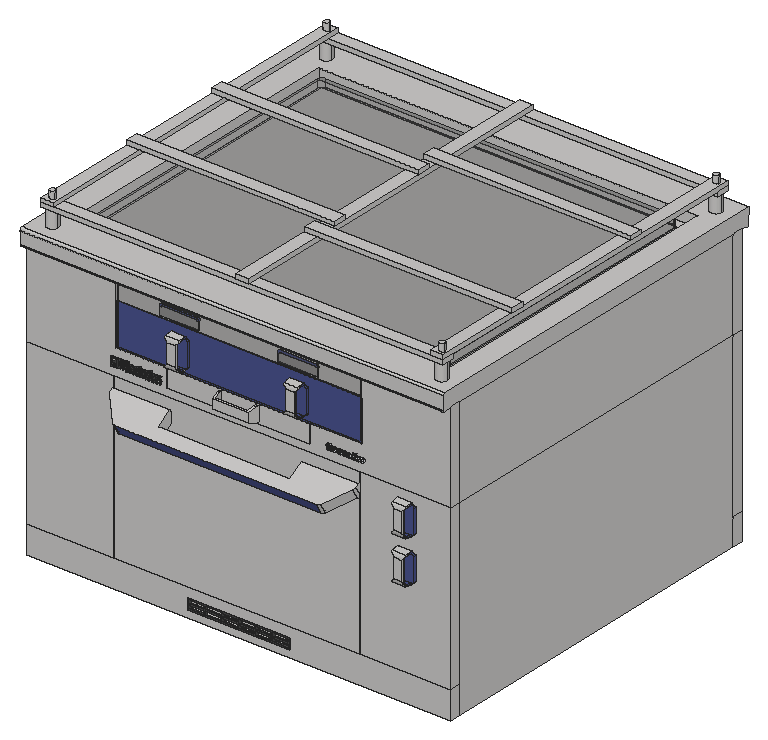
Revit family "QF_ELECTROLUXPROFESSIONAL_589885_MCLOECJ8DM", category Specialty Equipment, Revit 2014 (continued)
Definition of nested family "Front_Panel_W1000_Two Knobs"
  Definition of nested family "Range Control Handle"
    Forms (mm)
      Extrusion 6, solid, material "QF_Finishes_Electrolux Cyan"
        sketch origin (0, 0, 0) x (1, 0, 0) y (0, 0, 1)
          loop
            circle (0, 971.092) r 7.736
        from -3.137 to -1.645
    Cuts and joins
      Extrusion 4, Extrusion 5 cuts Sweep 3
      Extrusion 4, Extrusion 5 cuts Sweep 2
      joined: Extrusion 1, Extrusion 6
    Lines and regions (mm)
      symbolic lines
        curve 1: line (16.334, -16.9, 0) -> (16.334, -19.227, 0)
        curve 2: spline (16.334, -19.227, 0) -> (15.87, -19.385, 0) -> (15.404, -19.536, 0) -> (14.936, -19.678, 0) -> (14.466, -19.813, 0) -> (13.995, -19.94, 0) -> (13.523, -20.059, 0) -> (13.049, -20.171, 0) -> (12.575, -20.274, 0) -> (12.099, -20.37, 0) -> (11.622, -20.458, 0) -> (11.144, -20.537, 0) -> (10.666, -20.609, 0)
        curve 3: line (10.666, -16.9, 0) -> (10.666, -20.938, 0)
        curve 4: line (-10.213, -20.938, 0) -> (10.666, -20.938, 0)
        curve 5: line (-10.213, -20.938, 0) -> (-10.213, -16.9, 0)
        curve 6: spline (-10.213, -20.609, 0) -> (-10.691, -20.537, 0) -> (-11.169, -20.458, 0) -> (-11.646, -20.37, 0) -> (-12.122, -20.274, 0) -> (-12.597, -20.171, 0) -> (-13.07, -20.059, 0) -> (-13.542, -19.94, 0) -> (-14.013, -19.813, 0) -> (-14.483, -19.678, 0) -> (-14.951, -19.536, 0) -> (-15.417, -19.385, 0) -> (-15.881, -19.227, 0)
        curve 7: line (-15.881, -19.227, 0) -> (-15.881, -16.9, 0)
  Definition of nested family "ELX_ThermaLine_Small"
    Parameters (values of type "ELX_ThermaLine_Small")
      Show Logo [instance] = yes
      Material_Logo [instance] = QF_Finishes_Black
      Default Elevation = 0 mm
    Reference planes
      plane 1 "Centro (Fronte/Retro)": y = 0
      plane 2: z = 0
      plane 3 "Centro (Sinistra/Destra)": x = 0
    Forms (mm)
      Extrusion 1, solid
        sketch origin (0, 0, 0) x (1, 0, 0) y (0, 1, 0)
          loop
            line (-1219.2, 1219.2) -> (-1219.2, -1219.2) -> (1219.2, -1219.2) -> (1219.2, 1219.2) -> (-1219.2, 1219.2)
        from 0 to -304.8
      Extrusion 2, solid, material "QF_Finishes_White"
        sketch origin (0, 0, 0) x (1, 0, 0) y (0, 1, 0)
          loop
            line (-37.494, 1.229) -> (-35.908, 1.229) -> (-35.908, 3.066) -> (-37.494, 3.066) -> (-37.494, 6.221) -> (-39.867, 4.881) -> (-39.867, 3.066) -> (-40.969, 3.066) -> (-40.969, 1.229) -> (-39.867, 1.229) -> (-39.867, -3.407)
            arc (-39.867, -3.407) -> (-38.982, -5.513) -> (-36.751, -6.001) r 2.478
            line (-36.751, -6.001) -> (-35.638, -5.7) -> (-35.9, -3.835) -> (-36.661, -4.039)
            arc (-36.661, -4.039) -> (-37.236, -3.924) -> (-37.494, -3.399) r 0.662
            line (-37.494, -3.399) -> (-37.494, 1.229)
          loop
            line (-34.242, 6.539) -> (-34.242, -5.848) -> (-31.854, -5.848) -> (-31.854, -0.078)
            arc (-31.854, -0.078) -> (-30.939, 1.249) -> (-29.33, 1.367) r 1.866
            arc (-29.33, 1.367) -> (-28.695, 0.768) -> (-28.461, -0.073) r 1.627
            line (-28.461, -0.073) -> (-28.461, -5.848) -> (-26.086, -5.848) -> (-26.064, -0.46)
            arc (-26.064, -0.46) -> (-26.261, 0.932) -> (-26.786, 2.237) r 5.825
            arc (-26.786, 2.237) -> (-29.381, 3.264) -> (-31.854, 1.971) r 3.353
            line (-31.854, 1.971) -> (-31.854, 6.539) -> (-34.242, 6.539)
          loop
            arc (-18.398, -0.598) -> (-18.893, 0.879) -> (-20.326, 1.487) r 1.897
            arc (-20.326, 1.487) -> (-21.461, 0.708) -> (-21.897, -0.598) r 2.164
            line (-21.897, -0.598) -> (-18.398, -0.598)
          loop
            arc (-16.021, -2.044) -> (-16.754, 1.227) -> (-19.444, 3.226) r 4.814
            arc (-19.444, 3.226) -> (-22.137, 2.788) -> (-23.943, 0.743) r 4.054
            arc (-23.943, 0.743) -> (-24.382, -1.249) -> (-24.162, -3.276) r 6.289
            arc (-24.162, -3.276) -> (-23.302, -4.71) -> (-21.958, -5.705) r 4.28
            arc (-21.958, -5.705) -> (-18.558, -5.814) -> (-16.152, -3.409) r 4.28
            line (-16.152, -3.409) -> (-18.5, -2.995)
            arc (-18.5, -2.995) -> (-19.273, -3.994) -> (-20.533, -4.076) r 1.536
            arc (-20.533, -4.076) -> (-21.56, -3.281) -> (-21.958, -2.044) r 2.197
            line (-21.958, -2.044) -> (-16.021, -2.044)
          loop
            line (-14.165, -5.848) -> (-11.819, -5.848) -> (-11.819, -2.138)
            arc (-11.819, -2.138) -> (-11.787, -1.156) -> (-11.637, -0.185) r 8.18
            arc (-11.637, -0.185) -> (-10.644, 0.972) -> (-9.132, 0.776) r 1.603
            line (-9.132, 0.776) -> (-8.419, 2.846)
            arc (-8.419, 2.846) -> (-10.432, 3.118) -> (-11.994, 1.821) r 2.527
            line (-11.994, 1.821) -> (-11.994, 3.094) -> (-14.165, 3.094) -> (-14.165, -5.848)
          loop
            line (-7.579, 3.094) -> (-7.579, -5.848) -> (-5.178, -5.848) -> (-5.178, -0.756)
            arc (-5.178, -0.756) -> (-4.727, 0.679) -> (-3.417, 1.419) r 2.05
            arc (-3.417, 1.419) -> (-2.499, 0.908) -> (-2.155, -0.085) r 1.471
            line (-2.155, -0.085) -> (-2.155, -5.848) -> (0.23, -5.848) -> (0.23, -1.001)
            arc (0.23, -1.001) -> (0.47, 0.127) -> (1.148, 1.061) r 2.775
            arc (1.148, 1.061) -> (2.225, 1.329) -> (3.05, 0.587) r 1.182
            arc (3.05, 0.587) -> (3.199, -0.019) -> (3.214, -0.642) r 2.894
            line (3.214, -0.642) -> (3.214, -5.848) -> (5.601, -5.848) -> (5.601, 0.261)
            arc (5.601, 0.261) -> (4.87, 2.263) -> (2.976, 3.241) r 2.932
            arc (2.976, 3.241) -> (1.284, 2.973) -> (-0.047, 1.896) r 3.309
            arc (-0.047, 1.896) -> (-1.116, 2.865) -> (-2.506, 3.258) r 3.16
            arc (-2.506, 3.258) -> (-4.105, 2.942) -> (-5.376, 1.92) r 3.419
            line (-5.376, 1.92) -> (-5.376, 3.094) -> (-7.579, 3.094)
          loop
            line (7.583, 0.738) -> (9.702, 0.364)
            arc (9.702, 0.364) -> (11.441, 1.492) -> (12.855, -0.023) r 1.613
            line (12.855, -0.023) -> (9.782, -0.789)
            arc (9.782, -0.789) -> (8.559, -1.346) -> (7.617, -2.305) r 3.687
            arc (7.617, -2.305) -> (7.499, -3.681) -> (7.901, -5.003) r 3.651
            arc (7.901, -5.003) -> (9.107, -5.766) -> (10.515, -6.006) r 3.635
            arc (10.515, -6.006) -> (11.898, -5.697) -> (13.067, -4.895) r 3.734
            line (13.067, -4.895) -> (13.376, -5.848) -> (15.75, -5.848) -> (15.212, -4.193) -> (15.212, 0.38)
            arc (15.212, 0.38) -> (14.897, 1.849) -> (13.818, 2.895) r 2.585
            arc (13.818, 2.895) -> (11.792, 3.442) -> (9.719, 3.11) r 5.005
            arc (9.719, 3.11) -> (8.369, 2.178) -> (7.583, 0.738) r 3.54
          loop
            line (19.723, -5.848) -> (22.233, -5.848) -> (24.854, 6.484) -> (22.345, 6.484) -> (19.723, -5.848)
          loop
            line (24.583, -5.848) -> (26.953, -5.848) -> (28.848, 3.066) -> (26.478, 3.066) -> (24.583, -5.848)
          loop
            line (27.204, 6.484) -> (26.741, 4.305) -> (29.111, 4.305) -> (29.575, 6.484) -> (27.204, 6.484)
          loop
            line (29.355, -5.848) -> (31.849, -5.848) -> (33.098, 0.028)
            arc (33.098, 0.028) -> (34.169, 1.306) -> (35.832, 1.422) r 2.132
            arc (35.832, 1.422) -> (36.324, 0.752) -> (36.383, -0.078) r 1.5
            line (36.383, -0.078) -> (35.157, -5.848) -> (37.536, -5.848) -> (38.936, 0.738)
            arc (38.936, 0.738) -> (38.775, 2.091) -> (37.825, 3.066) r 2.118
            arc (37.825, 3.066) -> (35.392, 3.175) -> (33.295, 1.937) r 4.271
            line (33.295, 1.937) -> (33.535, 3.066) -> (31.25, 3.066) -> (29.355, -5.848)
          loop
            line (42.792, -0.64) -> (46.589, -0.64)
            arc (46.589, -0.64) -> (46.639, 0.124) -> (46.327, 0.823) r 1.589
            arc (46.327, 0.823) -> (45.117, 1.521) -> (43.762, 1.183) r 1.865
            arc (43.762, 1.183) -> (43.141, 0.344) -> (42.792, -0.64) r 3.538
          loop
            line (42.565, -2.138) -> (48.593, -2.138)
            arc (48.593, -2.138) -> (48.58, 0.597) -> (46.983, 2.818) r 4.494
            arc (46.983, 2.818) -> (44.191, 3.28) -> (41.725, 1.891) r 4.26
            arc (41.725, 1.891) -> (40.503, -0.3) -> (40.284, -2.799) r 6.003
            arc (40.284, -2.799) -> (40.959, -4.468) -> (42.377, -5.576) r 3.482
            arc (42.377, -5.576) -> (44.265, -5.961) -> (46.152, -5.576) r 4.823
            arc (46.152, -5.576) -> (47.432, -4.731) -> (48.328, -3.485) r 4.245
            line (48.328, -3.485) -> (46.168, -3.105)
            arc (46.168, -3.105) -> (45.214, -4.072) -> (43.859, -4.181) r 1.953
            arc (43.859, -4.181) -> (42.821, -3.408) -> (42.565, -2.138) r 1.81
          loop
            line (12.868, -1.553) -> (10.216, -2.214)
            arc (10.216, -2.214) -> (9.747, -3.136) -> (10.216, -4.058) r 1.14
            arc (10.216, -4.058) -> (11.537, -4.249) -> (12.614, -3.46) r 1.763
            arc (12.614, -3.46) -> (12.858, -2.522) -> (12.868, -1.553) r 3.97
        from 0 to 1.6
    Dimensions and locks
      aligned and locked: plane 2 to Extrusion 1
      aligned and locked: level to Extrusion 1
  Definition of nested family "ELX_Professional_Logo_Small"
    Parameters (values of type "ELX_Professional_Logo_Small")
      Show Logo [instance] = yes
      Material_Logo [instance] = QF_Finishes_Black
      Default Elevation = 0 mm
    Reference planes
      plane 1 "Centro (Fronte/Retro)": y = 0
      plane 2: z = 0
      plane 3 "Centro (Sinistra/Destra)": x = 0
    Forms (mm)
      Extrusion 1, solid
        sketch origin (0, 0, 0) x (1, 0, 0) y (0, 1, 0)
          loop
            line (-1219.2, 1219.2) -> (-1219.2, -1219.2) -> (1219.2, -1219.2) -> (1219.2, 1219.2) -> (-1219.2, 1219.2)
        from 0 to -304.8
      Extrusion 2, solid, material "QF_Finishes_Black" <- "Material_Logo"
        sketch origin (15.5, 0, 0) x (1, 0, 0) y (0, 1, 0)
          loop
            spline (-42.99, -1.24) -> (-43.195, -1.231) -> (-43.415, -1.203) -> (-43.642, -1.152) -> (-43.87, -1.074) -> (-44.095, -0.966) -> (-44.309, -0.825) -> (-44.506, -0.647) -> (-44.681, -0.429) -> (-44.828, -0.167) -> (-44.94, 0.142) -> (-45.011, 0.501) -> (-45.037, 0.915)
            line (-45.037, 0.915) -> (-45.037, 2.748) -> (-38.984, 2.748) -> (-38.984, 5.086) -> (-45.038, 5.086) -> (-45.038, 8.489) -> (-38.599, 8.489) -> (-38.599, 10.82) -> (-47.515, 10.82) -> (-47.515, 1.021)
            spline (-47.515, 1.021) -> (-47.493, 0.418) -> (-47.425, -0.15) -> (-47.311, -0.682) -> (-47.15, -1.175) -> (-46.939, -1.628) -> (-46.678, -2.038) -> (-46.365, -2.404) -> (-46, -2.723) -> (-45.58, -2.995) -> (-45.105, -3.216) -> (-44.573, -3.385) -> (-43.983, -3.499)
            line (-43.983, -3.499) -> (-43.01, -3.569) -> (-38.426, -3.569) -> (-38.426, -1.24) -> (-42.99, -1.24)
          loop
            line (-36.666, 4.021) -> (-36.666, -3.573) -> (-34.188, -3.573) -> (-34.188, 10.824) -> (-36.666, 10.824) -> (-36.666, 4.021)
          loop
            spline (-21.915, 1.897) -> (-21.957, 2.615) -> (-22.082, 3.303) -> (-22.285, 3.955) -> (-22.563, 4.564) -> (-22.913, 5.124) -> (-23.331, 5.629) -> (-23.814, 6.074) -> (-24.359, 6.451) -> (-24.961, 6.755) -> (-25.618, 6.98) -> (-26.326, 7.119) -> (-27.081, 7.167)
            spline (-27.081, 7.167) -> (-27.853, 7.122) -> (-28.586, 6.99) -> (-29.275, 6.774) -> (-29.915, 6.478) -> (-30.5, 6.104) -> (-31.024, 5.657) -> (-31.483, 5.138) -> (-31.871, 4.553) -> (-32.182, 3.904) -> (-32.411, 3.194) -> (-32.552, 2.427) -> (-32.6, 1.606)
            spline (-32.6, 1.606) -> (-32.553, 0.805) -> (-32.416, 0.057) -> (-32.193, -0.637) -> (-31.887, -1.271) -> (-31.504, -1.843) -> (-31.048, -2.35) -> (-30.523, -2.788) -> (-29.934, -3.154) -> (-29.284, -3.444) -> (-28.579, -3.656) -> (-27.822, -3.785) -> (-27.019, -3.829)
            spline (-27.019, -3.829) -> (-26.627, -3.82) -> (-26.239, -3.79) -> (-25.856, -3.739) -> (-25.477, -3.663) -> (-25.103, -3.562) -> (-24.734, -3.432) -> (-24.369, -3.273) -> (-24.01, -3.082) -> (-23.655, -2.858) -> (-23.305, -2.597) -> (-22.96, -2.299) -> (-22.621, -1.962)
            line (-22.621, -1.962) -> (-24.114, -0.509)
            spline (-24.114, -0.509) -> (-24.311, -0.699) -> (-24.509, -0.872) -> (-24.71, -1.03) -> (-24.915, -1.172) -> (-25.126, -1.297) -> (-25.346, -1.407) -> (-25.576, -1.5) -> (-25.817, -1.576) -> (-26.072, -1.636) -> (-26.342, -1.678) -> (-26.629, -1.704) -> (-26.936, -1.713)
            spline (-26.936, -1.713) -> (-27.384, -1.691) -> (-27.805, -1.625) -> (-28.196, -1.518) -> (-28.556, -1.372) -> (-28.882, -1.187) -> (-29.174, -0.966) -> (-29.429, -0.71) -> (-29.645, -0.422) -> (-29.821, -0.102) -> (-29.955, 0.247) -> (-30.045, 0.623) -> (-30.089, 1.026)
            line (-30.089, 1.026) -> (-21.956, 1.026) -> (-21.915, 1.897)
          loop
            spline (-24.446, 2.769) -> (-24.47, 3.075) -> (-24.54, 3.37) -> (-24.654, 3.65) -> (-24.807, 3.913) -> (-24.996, 4.156) -> (-25.219, 4.376) -> (-25.472, 4.57) -> (-25.753, 4.736) -> (-26.057, 4.869) -> (-26.382, 4.968) -> (-26.724, 5.03) -> (-27.081, 5.051)
            spline (-27.081, 5.051) -> (-27.464, 5.03) -> (-27.832, 4.97) -> (-28.183, 4.872) -> (-28.513, 4.74) -> (-28.819, 4.577) -> (-29.099, 4.384) -> (-29.347, 4.165) -> (-29.563, 3.923) -> (-29.742, 3.659) -> (-29.881, 3.377) -> (-29.977, 3.079) -> (-30.027, 2.769)
            line (-30.027, 2.769) -> (-24.446, 2.769)
          loop
            spline (-18.167, 1.669) -> (-18.138, 2.13) -> (-18.055, 2.567) -> (-17.921, 2.978) -> (-17.739, 3.358) -> (-17.512, 3.705) -> (-17.243, 4.016) -> (-16.937, 4.287) -> (-16.596, 4.517) -> (-16.223, 4.7) -> (-15.823, 4.835) -> (-15.398, 4.919) -> (-14.951, 4.947)
            spline (-14.951, 4.947) -> (-14.677, 4.938) -> (-14.414, 4.913) -> (-14.162, 4.871) -> (-13.921, 4.812) -> (-13.69, 4.738) -> (-13.467, 4.649) -> (-13.254, 4.544) -> (-13.048, 4.424) -> (-12.85, 4.291) -> (-12.659, 4.143) -> (-12.474, 3.981) -> (-12.295, 3.806)
            line (-12.295, 3.806) -> (-10.76, 5.403)
            spline (-10.76, 5.403) -> (-11.065, 5.709) -> (-11.38, 5.984) -> (-11.703, 6.228) -> (-12.035, 6.443) -> (-12.375, 6.63) -> (-12.723, 6.788) -> (-13.078, 6.92) -> (-13.44, 7.026) -> (-13.809, 7.107) -> (-14.184, 7.164) -> (-14.564, 7.198) -> (-14.951, 7.209)
            spline (-14.951, 7.209) -> (-15.725, 7.161) -> (-16.467, 7.02) -> (-17.169, 6.792) -> (-17.826, 6.482) -> (-18.43, 6.096) -> (-18.976, 5.637) -> (-19.455, 5.112) -> (-19.862, 4.525) -> (-20.19, 3.882) -> (-20.433, 3.189) -> (-20.584, 2.449) -> (-20.635, 1.669)
            spline (-20.635, 1.669) -> (-20.584, 0.889) -> (-20.433, 0.149) -> (-20.19, -0.545) -> (-19.862, -1.187) -> (-19.455, -1.774) -> (-18.976, -2.299) -> (-18.43, -2.758) -> (-17.826, -3.145) -> (-17.169, -3.454) -> (-16.467, -3.682) -> (-15.725, -3.823) -> (-14.951, -3.871)
            spline (-14.951, -3.871) -> (-14.564, -3.86) -> (-14.184, -3.826) -> (-13.809, -3.77) -> (-13.44, -3.689) -> (-13.078, -3.583) -> (-12.723, -3.451) -> (-12.375, -3.292) -> (-12.035, -3.105) -> (-11.703, -2.89) -> (-11.38, -2.646) -> (-11.065, -2.371) -> (-10.76, -2.066)
            line (-10.76, -2.066) -> (-12.295, -0.468)
            spline (-12.295, -0.468) -> (-12.474, -0.643) -> (-12.659, -0.805) -> (-12.85, -0.953) -> (-13.048, -1.087) -> (-13.254, -1.206) -> (-13.467, -1.311) -> (-13.69, -1.4) -> (-13.921, -1.475) -> (-14.162, -1.533) -> (-14.414, -1.575) -> (-14.677, -1.6) -> (-14.951, -1.609)
            spline (-14.951, -1.609) -> (-15.398, -1.581) -> (-15.823, -1.497) -> (-16.223, -1.362) -> (-16.596, -1.179) -> (-16.937, -0.95) -> (-17.243, -0.678) -> (-17.512, -0.367) -> (-17.739, -0.02) -> (-17.921, 0.36) -> (-18.055, 0.771) -> (-18.138, 1.208) -> (-18.167, 1.669)
          loop
            spline (-4.441, -1.243) -> (-4.659, -1.247) -> (-4.894, -1.23) -> (-5.137, -1.19) -> (-5.384, -1.121) -> (-5.628, -1.021) -> (-5.864, -0.884) -> (-6.084, -0.708) -> (-6.283, -0.488) -> (-6.454, -0.219) -> (-6.592, 0.101) -> (-6.69, 0.478) -> (-6.742, 0.914)
            line (-6.742, 0.914) -> (-6.742, 4.587) -> (-4.487, 4.587) -> (-4.487, 6.838) -> (-6.738, 6.838) -> (-6.738, 10.824) -> (-9.217, 10.824) -> (-9.217, 0.773)
            spline (-9.217, 0.773) -> (-9.164, 0.19) -> (-9.068, -0.358) -> (-8.928, -0.87) -> (-8.742, -1.343) -> (-8.511, -1.777) -> (-8.232, -2.168) -> (-7.904, -2.515) -> (-7.527, -2.816) -> (-7.098, -3.069) -> (-6.618, -3.273) -> (-6.084, -3.426) -> (-5.496, -3.525)
            line (-5.496, -3.525) -> (-4.45, -3.573) -> (-4.441, -1.243)
          loop
            spline (3.898, 6.983) -> (3.469, 7.009) -> (3.056, 7.001) -> (2.661, 6.961) -> (2.283, 6.888) -> (1.925, 6.785) -> (1.588, 6.652) -> (1.272, 6.49) -> (0.979, 6.301) -> (0.71, 6.085) -> (0.465, 5.844) -> (0.247, 5.578) -> (0.056, 5.289)
            line (0.056, 5.289) -> (0.056, 6.838) -> (-2.402, 6.838) -> (-2.402, -3.572) -> (0.056, -3.572) -> (0.056, 1.901)
            spline (0.056, 1.901) -> (0.079, 2.316) -> (0.145, 2.703) -> (0.254, 3.06) -> (0.404, 3.386) -> (0.592, 3.679) -> (0.818, 3.938) -> (1.08, 4.162) -> (1.375, 4.348) -> (1.703, 4.495) -> (2.062, 4.602) -> (2.45, 4.668) -> (2.865, 4.69)
            line (2.865, 4.69) -> (3.898, 4.586) -> (3.898, 6.983)
          loop
            spline (15.638, 1.633) -> (15.586, 2.396) -> (15.435, 3.124) -> (15.192, 3.81) -> (14.863, 4.449) -> (14.455, 5.034) -> (13.975, 5.56) -> (13.43, 6.021) -> (12.826, 6.411) -> (12.17, 6.724) -> (11.469, 6.955) -> (10.729, 7.098) -> (9.958, 7.147)
            spline (9.958, 7.147) -> (9.182, 7.098) -> (8.44, 6.955) -> (7.737, 6.724) -> (7.081, 6.411) -> (6.477, 6.021) -> (5.933, 5.56) -> (5.454, 5.034) -> (5.048, 4.449) -> (4.721, 3.81) -> (4.479, 3.124) -> (4.329, 2.396) -> (4.277, 1.633)
            spline (4.277, 1.633) -> (4.329, 0.869) -> (4.479, 0.141) -> (4.721, -0.544) -> (5.048, -1.183) -> (5.454, -1.768) -> (5.933, -2.294) -> (6.477, -2.755) -> (7.081, -3.145) -> (7.737, -3.459) -> (8.44, -3.69) -> (9.182, -3.833) -> (9.958, -3.882)
            spline (9.958, -3.882) -> (10.729, -3.833) -> (11.469, -3.69) -> (12.17, -3.459) -> (12.826, -3.145) -> (13.43, -2.755) -> (13.975, -2.294) -> (14.455, -1.768) -> (14.863, -1.183) -> (15.192, -0.544) -> (15.435, 0.141) -> (15.586, 0.869) -> (15.638, 1.633)
          loop
            spline (13.18, 1.633) -> (13.151, 2.083) -> (13.067, 2.513) -> (12.932, 2.918) -> (12.748, 3.296) -> (12.52, 3.642) -> (12.251, 3.954) -> (11.943, 4.227) -> (11.601, 4.459) -> (11.228, 4.645) -> (10.828, 4.782) -> (10.403, 4.867) -> (9.958, 4.896)
            spline (9.958, 4.896) -> (9.509, 4.867) -> (9.081, 4.782) -> (8.679, 4.645) -> (8.306, 4.459) -> (7.964, 4.227) -> (7.658, 3.954) -> (7.39, 3.642) -> (7.163, 3.296) -> (6.981, 2.918) -> (6.847, 2.513) -> (6.765, 2.083) -> (6.736, 1.633)
            spline (6.736, 1.633) -> (6.765, 1.182) -> (6.847, 0.753) -> (6.981, 0.347) -> (7.163, -0.031) -> (7.39, -0.377) -> (7.658, -0.689) -> (7.964, -0.962) -> (8.306, -1.193) -> (8.679, -1.38) -> (9.081, -1.517) -> (9.509, -1.602) -> (9.958, -1.631)
            spline (9.958, -1.631) -> (10.403, -1.602) -> (10.828, -1.517) -> (11.228, -1.38) -> (11.601, -1.193) -> (11.943, -0.962) -> (12.251, -0.689) -> (12.52, -0.377) -> (12.748, -0.031) -> (12.932, 0.347) -> (13.067, 0.753) -> (13.151, 1.182) -> (13.18, 1.633)
          loop
            line (17.162, 4.269) -> (17.162, -3.573) -> (19.642, -3.573) -> (19.642, 10.824) -> (17.162, 10.824) -> (17.162, 4.269)
          loop
            line (28.581, 6.838) -> (28.581, 0.786)
            spline (28.581, 0.786) -> (28.561, 0.393) -> (28.503, 0.038) -> (28.409, -0.279) -> (28.281, -0.559) -> (28.122, -0.802) -> (27.933, -1.011) -> (27.717, -1.185) -> (27.476, -1.325) -> (27.213, -1.433) -> (26.929, -1.509) -> (26.626, -1.554) -> (26.308, -1.569)
            spline (26.308, -1.569) -> (25.99, -1.554) -> (25.688, -1.509) -> (25.404, -1.434) -> (25.141, -1.326) -> (24.9, -1.187) -> (24.684, -1.014) -> (24.496, -0.807) -> (24.336, -0.565) -> (24.209, -0.288) -> (24.115, 0.026) -> (24.057, 0.376) -> (24.037, 0.765)
            line (24.037, 0.765) -> (24.037, 6.838) -> (21.537, 6.838) -> (21.537, 0.558)
            spline (21.537, 0.558) -> (21.581, -0.153) -> (21.71, -0.8) -> (21.916, -1.384) -> (22.195, -1.904) -> (22.54, -2.362) -> (22.944, -2.757) -> (23.403, -3.09) -> (23.909, -3.362) -> (24.456, -3.572) -> (25.04, -3.722) -> (25.652, -3.811) -> (26.288, -3.841)
            spline (26.288, -3.841) -> (26.929, -3.811) -> (27.547, -3.72) -> (28.135, -3.568) -> (28.687, -3.355) -> (29.197, -3.079) -> (29.66, -2.741) -> (30.068, -2.341) -> (30.415, -1.877) -> (30.696, -1.349) -> (30.905, -0.757) -> (31.034, -0.101) -> (31.079, 0.621)
            line (31.079, 0.621) -> (31.079, 6.838) -> (28.581, 6.838)
          loop
            line (40.457, -0.243) -> (38.894, 1.942) -> (40.83, 4.579) -> (42.488, 6.837) -> (39.782, 6.837) -> (37.53, 3.719) -> (35.258, 6.837) -> (32.573, 6.837) -> (34.113, 4.731) -> (36.167, 1.922) -> (34.014, -1.076) -> (32.222, -3.573) -> (34.887, -3.573) -> (37.53, 0.104) -> (40.174, -3.573) -> (42.839, -3.573) -> (40.457, -0.243)
          loop
            line (-46.121, -5.837) -> (-48.039, -5.837) -> (-48.039, -10.814) -> (-47.016, -10.814) -> (-47.016, -9.128) -> (-46.121, -9.128)
            arc (-46.121, -9.128) -> (-44.476, -7.482) -> (-46.121, -5.837) r 1.645
          loop
            line (-46.163, -6.778) -> (-47.016, -6.778) -> (-47.016, -8.187) -> (-46.163, -8.187)
            arc (-46.163, -8.187) -> (-45.458, -7.482) -> (-46.163, -6.778) r 0.704
          loop
            line (-38.313, -5.837) -> (-40.265, -5.837) -> (-40.265, -10.814) -> (-39.241, -10.814) -> (-39.241, -9.1) -> (-38.46, -9.182) -> (-37.48, -10.814) -> (-36.318, -10.814) -> (-37.513, -8.848)
            arc (-37.513, -8.848) -> (-36.888, -8.266) -> (-36.671, -7.441) r 1.536
            arc (-36.671, -7.441) -> (-37.165, -6.305) -> (-38.313, -5.837) r 1.643
          loop
            arc (-38.402, -8.166) -> (-37.707, -7.505) -> (-38.334, -6.778) r 0.696
            line (-38.334, -6.778) -> (-39.241, -6.778) -> (-39.241, -8.166) -> (-38.402, -8.166)
          loop
            circle (-29.965, -8.325) r 2.585
          loop
            circle (-29.965, -8.325) r 1.64
          loop
            line (-23.1, -5.837) -> (-23.1, -10.814) -> (-22.076, -10.814) -> (-22.076, -8.768) -> (-20.204, -8.768) -> (-20.204, -7.828) -> (-22.076, -7.828) -> (-22.076, -6.778) -> (-20.024, -6.778) -> (-20.024, -5.837) -> (-23.1, -5.837)
          loop
            line (-15.802, -5.837) -> (-15.802, -9.2)
            arc (-15.802, -9.2) -> (-15.343, -10.34) -> (-14.209, -10.814) r 1.593
            line (-14.209, -10.814) -> (-12.602, -10.814) -> (-12.602, -10.027) -> (-14.004, -10.027)
            arc (-14.004, -10.027) -> (-14.552, -9.8) -> (-14.779, -9.252) r 0.775
            line (-14.779, -9.252) -> (-14.779, -8.424) -> (-12.789, -8.424) -> (-12.789, -7.642) -> (-14.779, -7.642) -> (-14.779, -6.778) -> (-12.651, -6.778) -> (-12.651, -5.837) -> (-15.802, -5.837)
          loop
            line (-5.909, -7.143) -> (-5.173, -6.638)
            arc (-5.173, -6.638) -> (-5.855, -5.974) -> (-6.781, -5.755) r 1.782
            arc (-6.781, -5.755) -> (-7.397, -5.878) -> (-7.944, -6.189) r 1.974
            arc (-7.944, -6.189) -> (-8.202, -6.5) -> (-8.317, -6.888) r 1.013
            arc (-8.317, -6.888) -> (-8.306, -7.341) -> (-8.192, -7.78) r 1.985
            arc (-8.192, -7.78) -> (-7.749, -8.259) -> (-7.171, -8.563) r 1.928
            arc (-7.171, -8.563) -> (-6.637, -8.779) -> (-6.131, -9.056) r 5.041
            arc (-6.131, -9.056) -> (-5.934, -9.387) -> (-6.09, -9.74) r 0.42
            arc (-6.09, -9.74) -> (-6.631, -9.96) -> (-7.204, -9.845) r 1.016
            arc (-7.204, -9.845) -> (-7.625, -9.603) -> (-7.889, -9.196) r 1.033
            line (-7.889, -9.196) -> (-8.67, -9.686)
            arc (-8.67, -9.686) -> (-8.361, -10.198) -> (-7.908, -10.589) r 1.914
            arc (-7.908, -10.589) -> (-7.334, -10.834) -> (-6.714, -10.896) r 2.063
            arc (-6.714, -10.896) -> (-5.947, -10.743) -> (-5.256, -10.376) r 2.696
            arc (-5.256, -10.376) -> (-4.95, -9.565) -> (-5.108, -8.712) r 1.618
            arc (-5.108, -8.712) -> (-5.448, -8.319) -> (-5.884, -8.035) r 1.876
            arc (-5.884, -8.035) -> (-6.434, -7.789) -> (-6.999, -7.577) r 9.883
            arc (-6.999, -7.577) -> (-7.325, -7.07) -> (-6.854, -6.694) r 0.45
            arc (-6.854, -6.694) -> (-6.329, -6.809) -> (-5.909, -7.143) r 1.197
          loop
            line (1.61, -7.143) -> (2.345, -6.638)
            arc (2.345, -6.638) -> (1.663, -5.974) -> (0.737, -5.755) r 1.782
            arc (0.737, -5.755) -> (0.121, -5.878) -> (-0.425, -6.189) r 1.974
            arc (-0.425, -6.189) -> (-0.683, -6.5) -> (-0.799, -6.888) r 1.013
            arc (-0.799, -6.888) -> (-0.788, -7.341) -> (-0.674, -7.78) r 1.985
            arc (-0.674, -7.78) -> (-0.231, -8.259) -> (0.347, -8.563) r 1.928
            arc (0.347, -8.563) -> (0.881, -8.779) -> (1.387, -9.056) r 5.041
            arc (1.387, -9.056) -> (1.584, -9.387) -> (1.428, -9.74) r 0.42
            arc (1.428, -9.74) -> (0.887, -9.96) -> (0.314, -9.845) r 1.016
            arc (0.314, -9.845) -> (-0.107, -9.603) -> (-0.371, -9.196) r 1.033
            line (-0.371, -9.196) -> (-1.152, -9.686)
            arc (-1.152, -9.686) -> (-0.842, -10.198) -> (-0.39, -10.589) r 1.914
            arc (-0.39, -10.589) -> (0.184, -10.834) -> (0.804, -10.896) r 2.063
            arc (0.804, -10.896) -> (1.572, -10.743) -> (2.263, -10.376) r 2.696
            arc (2.263, -10.376) -> (2.568, -9.565) -> (2.411, -8.712) r 1.618
            arc (2.411, -8.712) -> (2.07, -8.319) -> (1.635, -8.035) r 1.876
            arc (1.635, -8.035) -> (1.084, -7.789) -> (0.519, -7.577) r 9.883
            arc (0.519, -7.577) -> (0.193, -7.07) -> (0.665, -6.694) r 0.45
            arc (0.665, -6.694) -> (1.189, -6.809) -> (1.61, -7.143) r 1.197
          loop
            line (6.801, -5.837) -> (6.801, -10.814) -> (7.825, -10.814) -> (7.825, -5.837) -> (6.801, -5.837)
          loop
            circle (14.724, -8.325) r 1.548
          loop
            circle (14.724, -8.325) r 2.585
          loop
            line (21.59, -10.814) -> (22.623, -10.814) -> (22.623, -7.685) -> (24.9, -10.814) -> (25.895, -10.814) -> (25.895, -5.837) -> (24.861, -5.837) -> (24.861, -9.061) -> (22.585, -5.837) -> (21.59, -5.837) -> (21.59, -10.814)
          loop
            line (31.054, -10.814) -> (31.539, -9.74) -> (33.38, -9.74) -> (33.865, -10.814) -> (34.965, -10.814) -> (32.46, -5.837) -> (29.956, -10.814) -> (31.054, -10.814)
          loop
            line (32.46, -7.698) -> (31.999, -8.719) -> (32.921, -8.719) -> (32.46, -7.698)
          loop
            line (40.047, -9.873) -> (40.047, -5.837) -> (39.024, -5.837) -> (39.024, -10.814) -> (41.961, -10.814) -> (41.961, -9.873) -> (40.047, -9.873)
          loop
            line (-74.986, -10.814) -> (-53.322, -10.814) -> (-53.322, 10.82) -> (-74.986, 10.82) -> (-74.986, -10.814)
          loop
            line (-61.261, 9.758) -> (-61.261, -9.707)
            arc (-61.261, -9.707) -> (-54.066, 0.025) -> (-61.261, 9.758) r 10.18
          loop
            line (-62.251, 8.349) -> (-62.251, 9.758)
            arc (-62.251, 9.758) -> (-70.347, 7.918) -> (-74.247, 0.59) r 9.976
            line (-74.247, 0.59) -> (-71.026, 0.59)
            arc (-71.026, 0.59) -> (-65.274, 2.925) -> (-62.251, 8.349) r 9.351
          loop
            arc (-74.247, -0.539) -> (-70.353, -7.928) -> (-62.251, -9.957) r 10.237
            line (-62.251, -9.957) -> (-62.251, -8.298)
            arc (-62.251, -8.298) -> (-65.274, -2.874) -> (-71.026, -0.539) r 9.351
            line (-71.026, -0.539) -> (-74.247, -0.539)
        from 0 to 1.644
    Dimensions and locks
      aligned and locked: plane 2 to Extrusion 1
      aligned and locked: level to Extrusion 1
Definition of nested family "Front_Panel_W1000_Two Knobs_Back"
  Reference planes
    plane 1 "Center (Front/Back)": y = 0
    plane 2: z = 0
    plane 3 "Center (Left/Right)": x = 297.624
    plane 4 "Left": x = -202.376
    plane 5 "Right": x = 797.624
    plane 6: y = -45
    plane 7: x = 157.624
    plane 8: y = -25
    plane 9: x = -2.376
    plane 10: x = 437.624
    plane 11: x = 594.715
  Forms (mm)
    Extrusion 1, solid, material "QF_Finishes_Stainless Steel"
      sketch origin (833.217, 829.203, -1.25) x (0, 1, 0) y (0, 0, 1)
        loop
          line (-854.203, 651.25) -> (-829.203, 651.25) -> (-829.203, 864.25) -> (-854.203, 864.25) -> (-854.203, 651.25)
      from -1035.593 to -35.593
    Extrusion 2, void
      sketch origin (0, 0, 0) x (1, 0, 0) y (0, 0, 1)
        loop
          line (7.624, 853.866) -> (7.624, 711.866) -> (587.624, 711.866) -> (587.624, 853.866) -> (7.624, 853.866)
      from 19.387 to 33.951
  Cuts and joins
    Extrusion 2 cuts Extrusion 1
  Dimensions and locks
    equal spacing: plane 5 "Right", plane 3 "Center (Left/Right)", plane 4 "Left"
    plane 5 "Right" to plane 4 "Left" = 1000 mm
    plane 3 "Center (Left/Right)" to plane 7 = 140 mm
    plane 10 to plane 3 "Center (Left/Right)" = 140 mm
    aligned and locked: cut or joined group of Extrusion 1, Extrusion 2 to plane 4 "Left"
    aligned and locked: plane 5 "Right" to cut or joined group of Extrusion 1, Extrusion 2
    aligned and locked: plane 3 "Center (Left/Right)" to nested 2
    aligned and locked: cut or joined group of Extrusion 1, Extrusion 2 to nested 2
  Automatic sketch dimensions
    Extrusion 1 sketch curve to plane 1 "Center (Front/Back)" = 0 mm
    level to Extrusion 1 sketch curve = 650 mm
    plane 4 "Left" to Extrusion 2 sketch curve = 210 mm
    Extrusion 2 sketch curve to plane 5 "Right" = 210 mm
    level to Extrusion 2 sketch curve = 711.866 mm
    Extrusion 2 sketch curve to Extrusion 2 sketch curve = 142 mm
    Extrusion 1 sketch curve to plane 6 = 20 mm
    Extrusion 1 sketch curve to Extrusion 1 sketch curve = 213 mm
  Nested families
    nested 1: "Range Control Handle" at (157.624, -28.137, -209.113) x (-1, 0, 0) z (0, 0, 1), type "Range Control Handle"
    nested 2: "Front glass control panel W1000_2 Knobs" at (297.624, 280.644, 2.752), type "Front glass control panel W1000_2 Knobs"
    nested 3: "Range Control Handle" at (437.624, -28.137, -209.113), type "Range Control Handle"
    nested 4: "ELX_ThermaLine_Small" at (546.122, -25, 679.426) x (1, 0, 0) z (0, -1, 0), type "ELX_ThermaLine_Small"
      with Show Logo yes, Material_Logo QF_Finishes_Black
    nested 5: "ELX_Professional_Logo_Small" at (57.11, -25, 681.659) x (1, 0, 0) z (0, -1, 0), type "ELX_Professional_Logo_Small"
      with Show Logo yes, Material_Logo QF_Finishes_Black
  Definition of nested family "Range Control Handle"
    Reference planes
      plane 1 "Center (Front/Back)": y = 0
      plane 2: z = 0
      plane 3 "Center (Left/Right)": x = 0
      plane 4: z = 971.092
      plane 5: y = -16.9
    Forms (mm)
      Extrusion 1, solid, material "QF_Finishes_Electrolux Cyan"
        sketch origin (-746.28, 380.497, 208.931) x (-1, 0, 0) y (0, 0, 1)
          loop
            line (-770.101, 786.798) -> (-770.101, 731.649)
            arc (-770.101, 731.649) -> (-769.759, 730.563) -> (-768.855, 729.87) r 1.893
            line (-768.855, 729.87) -> (-763.474, 727.911) -> (-729.81, 727.911) -> (-724.428, 729.87)
            arc (-724.428, 729.87) -> (-723.525, 730.563) -> (-723.183, 731.649) r 1.893
            line (-723.183, 731.649) -> (-723.183, 786.798)
            arc (-723.183, 786.798) -> (-723.529, 787.894) -> (-724.44, 788.593) r 1.91
            line (-724.44, 788.593) -> (-729.683, 790.819) -> (-763.601, 790.819) -> (-768.844, 788.593)
            arc (-768.844, 788.593) -> (-769.755, 787.894) -> (-770.101, 786.798) r 1.91
        from -382.35 to -378.852
      Sweep 2, solid, material "QF_Finishes_Electrolux Cyan"
        path origin (-746.788, 380.496, 208.091) x (0, -1, 0) y (0, 0, 1)
          loop
            line (379.775, 793.281) -> (395.661, 791.048)
            arc (395.661, 791.048) -> (397.781, 787.377) -> (398.517, 783.202) r 12.207
            line (398.517, 783.202) -> (398.517, 737.368)
            arc (398.517, 737.368) -> (397.781, 733.193) -> (395.661, 729.522) r 12.207
            line (395.661, 729.522) -> (379.775, 727.289)
        profile origin (-746.788, -7.222, 1000.256) x (0, -0.139173, 0.990268) y (-1, 0, 0)
          loop
            line (0.782, -763.123) -> (0.782, -730.907) -> (-1.322, -730.907) -> (-1.322, -763.123) -> (0.782, -763.123)
      Sweep 3, solid, material "QF_Finishes_Stainless Steel"
        path origin (-746.788, 380.715, 207.832) x (0, -1, 0) y (0, 0, 1)
          loop
            line (380.478, 795.442) -> (397.218, 793.09)
            arc (397.218, 793.09) -> (399.929, 788.473) -> (400.871, 783.202) r 15.207
            line (400.871, 783.202) -> (400.871, 737.584)
            arc (400.871, 737.584) -> (399.914, 732.274) -> (397.164, 727.633) r 15.207
            line (397.164, 727.633) -> (380.601, 725.305)
        profile origin (-746.788, -8.132, 1002.099) x (0, -0.139173, 0.990268) y (-1, 0, 0)
          loop
            line (0.782, -763.123) -> (0.782, -730.907) -> (-1.322, -730.907) -> (-1.322, -763.123) -> (0.782, -763.123)
      Extrusion 4, void
        sketch origin (889.253, 220.666, 207.993) x (1, 0, 0) y (0, 0, 1)
          loop
            line (-943.038, 816.854) -> (-943.038, 703.686) -> (-899.466, 734.196) -> (-899.466, 786.344) -> (-943.038, 816.854)
        from 230.636 to 242.25
      Extrusion 5, void
        sketch origin (-888.8, 220.666, 207.993) x (-1, 0, 0) y (0, 0, -1)
          loop
            line (-943.038, -816.854) -> (-899.466, -786.344) -> (-899.466, -734.196) -> (-943.038, -703.686) -> (-943.038, -816.854)
        from 230.636 to 242.25
      Extrusion 6, solid, material "QF_Finishes_Electrolux Cyan"
        sketch origin (0, 0, 0) x (1, 0, 0) y (0, 0, 1)
          loop
            circle (0, 971.092) r 7.736
        from -3.137 to -1.645
    Cuts and joins
      Extrusion 4, Extrusion 5 cuts Sweep 3
      Extrusion 4, Extrusion 5 cuts Sweep 2
      joined: Extrusion 1, Extrusion 6
    Lines and regions (mm)
      symbolic lines
        curve 1: line (16.334, -16.9, 0) -> (16.334, -19.227, 0)
        curve 2: spline (16.334, -19.227, 0) -> (15.87, -19.385, 0) -> (15.404, -19.536, 0) -> (14.936, -19.678, 0) -> (14.466, -19.813, 0) -> (13.995, -19.94, 0) -> (13.523, -20.059, 0) -> (13.049, -20.171, 0) -> (12.575, -20.274, 0) -> (12.099, -20.37, 0) -> (11.622, -20.458, 0) -> (11.144, -20.537, 0) -> (10.666, -20.609, 0)
        curve 3: line (10.666, -16.9, 0) -> (10.666, -20.938, 0)
        curve 4: line (-10.213, -20.938, 0) -> (10.666, -20.938, 0)
        curve 5: line (-10.213, -20.938, 0) -> (-10.213, -16.9, 0)
        curve 6: spline (-10.213, -20.609, 0) -> (-10.691, -20.537, 0) -> (-11.169, -20.458, 0) -> (-11.646, -20.37, 0) -> (-12.122, -20.274, 0) -> (-12.597, -20.171, 0) -> (-13.07, -20.059, 0) -> (-13.542, -19.94, 0) -> (-14.013, -19.813, 0) -> (-14.483, -19.678, 0) -> (-14.951, -19.536, 0) -> (-15.417, -19.385, 0) -> (-15.881, -19.227, 0)
        curve 7: line (-15.881, -19.227, 0) -> (-15.881, -16.9, 0)
  Definition of nested family "Front glass control panel W1000_2 Knobs"
    Reference planes
      plane 1 "Center (Front/Back)": y = 0
      plane 2: z = 0
      plane 3 "Center (Left/Right)": x = 0
      plane 4: x = -140
      plane 5: x = 140
    Forms (mm)
      Extrusion 1, solid, material "QF_Finishes_Electrolux Cyan"
        sketch origin (378.286, 0, 0.617) x (1, 0, 0) y (0, 0, 1)
          loop
            line (-668.286, 806.791) -> (-668.286, 708.497) -> (-88.286, 708.497) -> (-88.286, 806.791) -> (-668.286, 806.791)
        from 300.031 to 304.8
      Extrusion 2, solid, material "QF_Finishes_Electrolux_Black"
        sketch origin (378.286, 0, 0.617) x (1, 0, 0) y (0, 0, 1)
          loop
            line (-668.286, 850.497) -> (-668.286, 806.791) -> (-88.286, 806.791) -> (-88.286, 850.497) -> (-668.286, 850.497)
        from 300.031 to 304.8
      Extrusion 3, void
        sketch origin (378.286, 0, 0.617) x (1, 0, 0) y (0, 0, 1)
          loop
            line (-665.628, 847.565) -> (-665.628, 710.699) -> (-91.196, 710.699) -> (-91.196, 847.565) -> (-665.628, 847.565)
        from 303.697 to 304.8
      Extrusion 4, solid, material "QF_Finishes_Electrolux_Black Smoke Iluminated"
        sketch origin (-448.309, 1.101, -0.633) x (-1, 0, 0) y (0, 0, -1)
          loop
            line (-261.431, -812.62) -> (-355.186, -812.62) -> (-355.186, -834.177) -> (-350.269, -834.177) -> (-348.469, -835.977) -> (-268.039, -835.977) -> (-266.24, -834.177) -> (-261.431, -834.177) -> (-261.431, -812.62)
        from 304.798 to 306.745
      Extrusion 5, solid, material "QF_Finishes_Electrolux_Royal Blue Illuminated"
        sketch origin (-448.309, 1.101, -0.633) x (-1, 0, 0) y (0, 0, -1)
          loop
            line (-350.269, -834.177) -> (-355.078, -834.177)
            arc (-355.078, -834.177) -> (-353.942, -838.747) -> (-349.686, -840.763) r 5.5
            line (-349.686, -840.763) -> (-266.98, -840.763)
            arc (-266.98, -840.763) -> (-262.706, -838.752) -> (-261.529, -834.177) r 5.549
            line (-261.529, -834.177) -> (-266.24, -834.177) -> (-268.039, -835.977) -> (-348.469, -835.977) -> (-350.269, -834.177)
        from 304.798 to 306.745
      Extrusion 6, solid, material "QF_Finishes_Electrolux_Black Smoke Iluminated"
        sketch origin (448.333, 1.101, -0.633) x (1, 0, 0) y (0, 0, 1)
          loop
            line (-261.431, 812.62) -> (-261.431, 834.177) -> (-266.24, 834.177) -> (-268.039, 835.977) -> (-348.469, 835.977) -> (-350.269, 834.177) -> (-355.186, 834.177) -> (-355.186, 812.62) -> (-261.431, 812.62)
        from 304.798 to 306.745
      Extrusion 7, solid, material "QF_Finishes_Electrolux_Royal Blue Illuminated"
        sketch origin (448.333, 1.101, -0.633) x (1, 0, 0) y (0, 0, 1)
          loop
            line (-350.269, 834.177) -> (-348.469, 835.977) -> (-268.039, 835.977) -> (-266.24, 834.177) -> (-261.529, 834.177)
            arc (-261.529, 834.177) -> (-262.706, 838.752) -> (-266.98, 840.763) r 5.549
            line (-266.98, 840.763) -> (-349.686, 840.763)
            arc (-349.686, 840.763) -> (-353.942, 838.747) -> (-355.078, 834.177) r 5.5
            line (-355.078, 834.177) -> (-350.269, 834.177)
        from 304.798 to 306.745
    Cuts and joins
      Extrusion 3 cuts Extrusion 1
      Extrusion 3 cuts Extrusion 2
    Dimensions and locks
      plane 3 "Center (Left/Right)" to plane 4 = 140 mm
      plane 5 to plane 3 "Center (Left/Right)" = 140 mm
      aligned and locked: Extrusion 1 to Extrusion 2
      aligned and locked: Extrusion 5 sketch curve to Extrusion 4  (x5)
      aligned and locked: Extrusion 5 to Extrusion 4
      aligned and locked: Extrusion 7 sketch curve to Extrusion 6  (x4)
      aligned and locked: Extrusion 6 to Extrusion 7 sketch curve
      aligned and locked: Extrusion 7 to Extrusion 6
  Definition of nested family "ELX_ThermaLine_Small"
    Parameters (values of type "ELX_ThermaLine_Small")
      Show Logo [instance] = yes
      Material_Logo [instance] = QF_Finishes_Black
      Default Elevation = 0 mm
    Reference planes
      plane 1 "Centro (Fronte/Retro)": y = 0
      plane 2: z = 0
      plane 3 "Centro (Sinistra/Destra)": x = 0
    Forms (mm)
      Extrusion 1, solid
        sketch origin (0, 0, 0) x (1, 0, 0) y (0, 1, 0)
          loop
            line (-1219.2, 1219.2) -> (-1219.2, -1219.2) -> (1219.2, -1219.2) -> (1219.2, 1219.2) -> (-1219.2, 1219.2)
        from 0 to -304.8
      Extrusion 2, solid, material "QF_Finishes_White"
        sketch origin (0, 0, 0) x (1, 0, 0) y (0, 1, 0)
          loop
            line (-37.494, 1.229) -> (-35.908, 1.229) -> (-35.908, 3.066) -> (-37.494, 3.066) -> (-37.494, 6.221) -> (-39.867, 4.881) -> (-39.867, 3.066) -> (-40.969, 3.066) -> (-40.969, 1.229) -> (-39.867, 1.229) -> (-39.867, -3.407)
            arc (-39.867, -3.407) -> (-38.982, -5.513) -> (-36.751, -6.001) r 2.478
            line (-36.751, -6.001) -> (-35.638, -5.7) -> (-35.9, -3.835) -> (-36.661, -4.039)
            arc (-36.661, -4.039) -> (-37.236, -3.924) -> (-37.494, -3.399) r 0.662
            line (-37.494, -3.399) -> (-37.494, 1.229)
          loop
            line (-34.242, 6.539) -> (-34.242, -5.848) -> (-31.854, -5.848) -> (-31.854, -0.078)
            arc (-31.854, -0.078) -> (-30.939, 1.249) -> (-29.33, 1.367) r 1.866
            arc (-29.33, 1.367) -> (-28.695, 0.768) -> (-28.461, -0.073) r 1.627
            line (-28.461, -0.073) -> (-28.461, -5.848) -> (-26.086, -5.848) -> (-26.064, -0.46)
            arc (-26.064, -0.46) -> (-26.261, 0.932) -> (-26.786, 2.237) r 5.825
            arc (-26.786, 2.237) -> (-29.381, 3.264) -> (-31.854, 1.971) r 3.353
            line (-31.854, 1.971) -> (-31.854, 6.539) -> (-34.242, 6.539)
          loop
            arc (-18.398, -0.598) -> (-18.893, 0.879) -> (-20.326, 1.487) r 1.897
            arc (-20.326, 1.487) -> (-21.461, 0.708) -> (-21.897, -0.598) r 2.164
            line (-21.897, -0.598) -> (-18.398, -0.598)
          loop
            arc (-16.021, -2.044) -> (-16.754, 1.227) -> (-19.444, 3.226) r 4.814
            arc (-19.444, 3.226) -> (-22.137, 2.788) -> (-23.943, 0.743) r 4.054
            arc (-23.943, 0.743) -> (-24.382, -1.249) -> (-24.162, -3.276) r 6.289
            arc (-24.162, -3.276) -> (-23.302, -4.71) -> (-21.958, -5.705) r 4.28
            arc (-21.958, -5.705) -> (-18.558, -5.814) -> (-16.152, -3.409) r 4.28
            line (-16.152, -3.409) -> (-18.5, -2.995)
            arc (-18.5, -2.995) -> (-19.273, -3.994) -> (-20.533, -4.076) r 1.536
            arc (-20.533, -4.076) -> (-21.56, -3.281) -> (-21.958, -2.044) r 2.197
            line (-21.958, -2.044) -> (-16.021, -2.044)
          loop
            line (-14.165, -5.848) -> (-11.819, -5.848) -> (-11.819, -2.138)
            arc (-11.819, -2.138) -> (-11.787, -1.156) -> (-11.637, -0.185) r 8.18
            arc (-11.637, -0.185) -> (-10.644, 0.972) -> (-9.132, 0.776) r 1.603
            line (-9.132, 0.776) -> (-8.419, 2.846)
            arc (-8.419, 2.846) -> (-10.432, 3.118) -> (-11.994, 1.821) r 2.527
            line (-11.994, 1.821) -> (-11.994, 3.094) -> (-14.165, 3.094) -> (-14.165, -5.848)
          loop
            line (-7.579, 3.094) -> (-7.579, -5.848) -> (-5.178, -5.848) -> (-5.178, -0.756)
            arc (-5.178, -0.756) -> (-4.727, 0.679) -> (-3.417, 1.419) r 2.05
            arc (-3.417, 1.419) -> (-2.499, 0.908) -> (-2.155, -0.085) r 1.471
            line (-2.155, -0.085) -> (-2.155, -5.848) -> (0.23, -5.848) -> (0.23, -1.001)
            arc (0.23, -1.001) -> (0.47, 0.127) -> (1.148, 1.061) r 2.775
            arc (1.148, 1.061) -> (2.225, 1.329) -> (3.05, 0.587) r 1.182
            arc (3.05, 0.587) -> (3.199, -0.019) -> (3.214, -0.642) r 2.894
            line (3.214, -0.642) -> (3.214, -5.848) -> (5.601, -5.848) -> (5.601, 0.261)
            arc (5.601, 0.261) -> (4.87, 2.263) -> (2.976, 3.241) r 2.932
            arc (2.976, 3.241) -> (1.284, 2.973) -> (-0.047, 1.896) r 3.309
            arc (-0.047, 1.896) -> (-1.116, 2.865) -> (-2.506, 3.258) r 3.16
            arc (-2.506, 3.258) -> (-4.105, 2.942) -> (-5.376, 1.92) r 3.419
            line (-5.376, 1.92) -> (-5.376, 3.094) -> (-7.579, 3.094)
          loop
            line (7.583, 0.738) -> (9.702, 0.364)
            arc (9.702, 0.364) -> (11.441, 1.492) -> (12.855, -0.023) r 1.613
            line (12.855, -0.023) -> (9.782, -0.789)
            arc (9.782, -0.789) -> (8.559, -1.346) -> (7.617, -2.305) r 3.687
            arc (7.617, -2.305) -> (7.499, -3.681) -> (7.901, -5.003) r 3.651
            arc (7.901, -5.003) -> (9.107, -5.766) -> (10.515, -6.006) r 3.635
            arc (10.515, -6.006) -> (11.898, -5.697) -> (13.067, -4.895) r 3.734
            line (13.067, -4.895) -> (13.376, -5.848) -> (15.75, -5.848) -> (15.212, -4.193) -> (15.212, 0.38)
            arc (15.212, 0.38) -> (14.897, 1.849) -> (13.818, 2.895) r 2.585
            arc (13.818, 2.895) -> (11.792, 3.442) -> (9.719, 3.11) r 5.005
            arc (9.719, 3.11) -> (8.369, 2.178) -> (7.583, 0.738) r 3.54
          loop
            line (19.723, -5.848) -> (22.233, -5.848) -> (24.854, 6.484) -> (22.345, 6.484) -> (19.723, -5.848)
          loop
            line (24.583, -5.848) -> (26.953, -5.848) -> (28.848, 3.066) -> (26.478, 3.066) -> (24.583, -5.848)
          loop
            line (27.204, 6.484) -> (26.741, 4.305) -> (29.111, 4.305) -> (29.575, 6.484) -> (27.204, 6.484)
          loop
            line (29.355, -5.848) -> (31.849, -5.848) -> (33.098, 0.028)
            arc (33.098, 0.028) -> (34.169, 1.306) -> (35.832, 1.422) r 2.132
            arc (35.832, 1.422) -> (36.324, 0.752) -> (36.383, -0.078) r 1.5
            line (36.383, -0.078) -> (35.157, -5.848) -> (37.536, -5.848) -> (38.936, 0.738)
            arc (38.936, 0.738) -> (38.775, 2.091) -> (37.825, 3.066) r 2.118
            arc (37.825, 3.066) -> (35.392, 3.175) -> (33.295, 1.937) r 4.271
            line (33.295, 1.937) -> (33.535, 3.066) -> (31.25, 3.066) -> (29.355, -5.848)
          loop
            line (42.792, -0.64) -> (46.589, -0.64)
            arc (46.589, -0.64) -> (46.639, 0.124) -> (46.327, 0.823) r 1.589
            arc (46.327, 0.823) -> (45.117, 1.521) -> (43.762, 1.183) r 1.865
            arc (43.762, 1.183) -> (43.141, 0.344) -> (42.792, -0.64) r 3.538
          loop
            line (42.565, -2.138) -> (48.593, -2.138)
            arc (48.593, -2.138) -> (48.58, 0.597) -> (46.983, 2.818) r 4.494
            arc (46.983, 2.818) -> (44.191, 3.28) -> (41.725, 1.891) r 4.26
            arc (41.725, 1.891) -> (40.503, -0.3) -> (40.284, -2.799) r 6.003
            arc (40.284, -2.799) -> (40.959, -4.468) -> (42.377, -5.576) r 3.482
            arc (42.377, -5.576) -> (44.265, -5.961) -> (46.152, -5.576) r 4.823
            arc (46.152, -5.576) -> (47.432, -4.731) -> (48.328, -3.485) r 4.245
            line (48.328, -3.485) -> (46.168, -3.105)
            arc (46.168, -3.105) -> (45.214, -4.072) -> (43.859, -4.181) r 1.953
            arc (43.859, -4.181) -> (42.821, -3.408) -> (42.565, -2.138) r 1.81
          loop
            line (12.868, -1.553) -> (10.216, -2.214)
            arc (10.216, -2.214) -> (9.747, -3.136) -> (10.216, -4.058) r 1.14
            arc (10.216, -4.058) -> (11.537, -4.249) -> (12.614, -3.46) r 1.763
            arc (12.614, -3.46) -> (12.858, -2.522) -> (12.868, -1.553) r 3.97
        from 0 to 1.6
    Dimensions and locks
      aligned and locked: plane 2 to Extrusion 1
      aligned and locked: level to Extrusion 1
  Definition of nested family "ELX_Professional_Logo_Small"
    Parameters (values of type "ELX_Professional_Logo_Small")
      Show Logo [instance] = yes
      Material_Logo [instance] = QF_Finishes_Black
      Default Elevation = 0 mm
    Reference planes
      plane 1 "Centro (Fronte/Retro)": y = 0
      plane 2: z = 0
      plane 3 "Centro (Sinistra/Destra)": x = 0
    Forms (mm)
      Extrusion 1, solid
        sketch origin (0, 0, 0) x (1, 0, 0) y (0, 1, 0)
          loop
            line (-1219.2, 1219.2) -> (-1219.2, -1219.2) -> (1219.2, -1219.2) -> (1219.2, 1219.2) -> (-1219.2, 1219.2)
        from 0 to -304.8
      Extrusion 2, solid, material "QF_Finishes_Black" <- "Material_Logo"
        sketch origin (15.5, 0, 0) x (1, 0, 0) y (0, 1, 0)
          loop
            spline (-42.99, -1.24) -> (-43.195, -1.231) -> (-43.415, -1.203) -> (-43.642, -1.152) -> (-43.87, -1.074) -> (-44.095, -0.966) -> (-44.309, -0.825) -> (-44.506, -0.647) -> (-44.681, -0.429) -> (-44.828, -0.167) -> (-44.94, 0.142) -> (-45.011, 0.501) -> (-45.037, 0.915)
            line (-45.037, 0.915) -> (-45.037, 2.748) -> (-38.984, 2.748) -> (-38.984, 5.086) -> (-45.038, 5.086) -> (-45.038, 8.489) -> (-38.599, 8.489) -> (-38.599, 10.82) -> (-47.515, 10.82) -> (-47.515, 1.021)
            spline (-47.515, 1.021) -> (-47.493, 0.418) -> (-47.425, -0.15) -> (-47.311, -0.682) -> (-47.15, -1.175) -> (-46.939, -1.628) -> (-46.678, -2.038) -> (-46.365, -2.404) -> (-46, -2.723) -> (-45.58, -2.995) -> (-45.105, -3.216) -> (-44.573, -3.385) -> (-43.983, -3.499)
            line (-43.983, -3.499) -> (-43.01, -3.569) -> (-38.426, -3.569) -> (-38.426, -1.24) -> (-42.99, -1.24)
          loop
            line (-36.666, 4.021) -> (-36.666, -3.573) -> (-34.188, -3.573) -> (-34.188, 10.824) -> (-36.666, 10.824) -> (-36.666, 4.021)
          loop
            spline (-21.915, 1.897) -> (-21.957, 2.615) -> (-22.082, 3.303) -> (-22.285, 3.955) -> (-22.563, 4.564) -> (-22.913, 5.124) -> (-23.331, 5.629) -> (-23.814, 6.074) -> (-24.359, 6.451) -> (-24.961, 6.755) -> (-25.618, 6.98) -> (-26.326, 7.119) -> (-27.081, 7.167)
            spline (-27.081, 7.167) -> (-27.853, 7.122) -> (-28.586, 6.99) -> (-29.275, 6.774) -> (-29.915, 6.478) -> (-30.5, 6.104) -> (-31.024, 5.657) -> (-31.483, 5.138) -> (-31.871, 4.553) -> (-32.182, 3.904) -> (-32.411, 3.194) -> (-32.552, 2.427) -> (-32.6, 1.606)
            spline (-32.6, 1.606) -> (-32.553, 0.805) -> (-32.416, 0.057) -> (-32.193, -0.637) -> (-31.887, -1.271) -> (-31.504, -1.843) -> (-31.048, -2.35) -> (-30.523, -2.788) -> (-29.934, -3.154) -> (-29.284, -3.444) -> (-28.579, -3.656) -> (-27.822, -3.785) -> (-27.019, -3.829)
            spline (-27.019, -3.829) -> (-26.627, -3.82) -> (-26.239, -3.79) -> (-25.856, -3.739) -> (-25.477, -3.663) -> (-25.103, -3.562) -> (-24.734, -3.432) -> (-24.369, -3.273) -> (-24.01, -3.082) -> (-23.655, -2.858) -> (-23.305, -2.597) -> (-22.96, -2.299) -> (-22.621, -1.962)
            line (-22.621, -1.962) -> (-24.114, -0.509)
            spline (-24.114, -0.509) -> (-24.311, -0.699) -> (-24.509, -0.872) -> (-24.71, -1.03) -> (-24.915, -1.172) -> (-25.126, -1.297) -> (-25.346, -1.407) -> (-25.576, -1.5) -> (-25.817, -1.576) -> (-26.072, -1.636) -> (-26.342, -1.678) -> (-26.629, -1.704) -> (-26.936, -1.713)
            spline (-26.936, -1.713) -> (-27.384, -1.691) -> (-27.805, -1.625) -> (-28.196, -1.518) -> (-28.556, -1.372) -> (-28.882, -1.187) -> (-29.174, -0.966) -> (-29.429, -0.71) -> (-29.645, -0.422) -> (-29.821, -0.102) -> (-29.955, 0.247) -> (-30.045, 0.623) -> (-30.089, 1.026)
            line (-30.089, 1.026) -> (-21.956, 1.026) -> (-21.915, 1.897)
          loop
            spline (-24.446, 2.769) -> (-24.47, 3.075) -> (-24.54, 3.37) -> (-24.654, 3.65) -> (-24.807, 3.913) -> (-24.996, 4.156) -> (-25.219, 4.376) -> (-25.472, 4.57) -> (-25.753, 4.736) -> (-26.057, 4.869) -> (-26.382, 4.968) -> (-26.724, 5.03) -> (-27.081, 5.051)
            spline (-27.081, 5.051) -> (-27.464, 5.03) -> (-27.832, 4.97) -> (-28.183, 4.872) -> (-28.513, 4.74) -> (-28.819, 4.577) -> (-29.099, 4.384) -> (-29.347, 4.165) -> (-29.563, 3.923) -> (-29.742, 3.659) -> (-29.881, 3.377) -> (-29.977, 3.079) -> (-30.027, 2.769)
            line (-30.027, 2.769) -> (-24.446, 2.769)
          loop
            spline (-18.167, 1.669) -> (-18.138, 2.13) -> (-18.055, 2.567) -> (-17.921, 2.978) -> (-17.739, 3.358) -> (-17.512, 3.705) -> (-17.243, 4.016) -> (-16.937, 4.287) -> (-16.596, 4.517) -> (-16.223, 4.7) -> (-15.823, 4.835) -> (-15.398, 4.919) -> (-14.951, 4.947)
            spline (-14.951, 4.947) -> (-14.677, 4.938) -> (-14.414, 4.913) -> (-14.162, 4.871) -> (-13.921, 4.812) -> (-13.69, 4.738) -> (-13.467, 4.649) -> (-13.254, 4.544) -> (-13.048, 4.424) -> (-12.85, 4.291) -> (-12.659, 4.143) -> (-12.474, 3.981) -> (-12.295, 3.806)
            line (-12.295, 3.806) -> (-10.76, 5.403)
            spline (-10.76, 5.403) -> (-11.065, 5.709) -> (-11.38, 5.984) -> (-11.703, 6.228) -> (-12.035, 6.443) -> (-12.375, 6.63) -> (-12.723, 6.788) -> (-13.078, 6.92) -> (-13.44, 7.026) -> (-13.809, 7.107) -> (-14.184, 7.164) -> (-14.564, 7.198) -> (-14.951, 7.209)
            spline (-14.951, 7.209) -> (-15.725, 7.161) -> (-16.467, 7.02) -> (-17.169, 6.792) -> (-17.826, 6.482) -> (-18.43, 6.096) -> (-18.976, 5.637) -> (-19.455, 5.112) -> (-19.862, 4.525) -> (-20.19, 3.882) -> (-20.433, 3.189) -> (-20.584, 2.449) -> (-20.635, 1.669)
            spline (-20.635, 1.669) -> (-20.584, 0.889) -> (-20.433, 0.149) -> (-20.19, -0.545) -> (-19.862, -1.187) -> (-19.455, -1.774) -> (-18.976, -2.299) -> (-18.43, -2.758) -> (-17.826, -3.145) -> (-17.169, -3.454) -> (-16.467, -3.682) -> (-15.725, -3.823) -> (-14.951, -3.871)
            spline (-14.951, -3.871) -> (-14.564, -3.86) -> (-14.184, -3.826) -> (-13.809, -3.77) -> (-13.44, -3.689) -> (-13.078, -3.583) -> (-12.723, -3.451) -> (-12.375, -3.292) -> (-12.035, -3.105) -> (-11.703, -2.89) -> (-11.38, -2.646) -> (-11.065, -2.371) -> (-10.76, -2.066)
            line (-10.76, -2.066) -> (-12.295, -0.468)
            spline (-12.295, -0.468) -> (-12.474, -0.643) -> (-12.659, -0.805) -> (-12.85, -0.953) -> (-13.048, -1.087) -> (-13.254, -1.206) -> (-13.467, -1.311) -> (-13.69, -1.4) -> (-13.921, -1.475) -> (-14.162, -1.533) -> (-14.414, -1.575) -> (-14.677, -1.6) -> (-14.951, -1.609)
            spline (-14.951, -1.609) -> (-15.398, -1.581) -> (-15.823, -1.497) -> (-16.223, -1.362) -> (-16.596, -1.179) -> (-16.937, -0.95) -> (-17.243, -0.678) -> (-17.512, -0.367) -> (-17.739, -0.02) -> (-17.921, 0.36) -> (-18.055, 0.771) -> (-18.138, 1.208) -> (-18.167, 1.669)
          loop
            spline (-4.441, -1.243) -> (-4.659, -1.247) -> (-4.894, -1.23) -> (-5.137, -1.19) -> (-5.384, -1.121) -> (-5.628, -1.021) -> (-5.864, -0.884) -> (-6.084, -0.708) -> (-6.283, -0.488) -> (-6.454, -0.219) -> (-6.592, 0.101) -> (-6.69, 0.478) -> (-6.742, 0.914)
            line (-6.742, 0.914) -> (-6.742, 4.587) -> (-4.487, 4.587) -> (-4.487, 6.838) -> (-6.738, 6.838) -> (-6.738, 10.824) -> (-9.217, 10.824) -> (-9.217, 0.773)
            spline (-9.217, 0.773) -> (-9.164, 0.19) -> (-9.068, -0.358) -> (-8.928, -0.87) -> (-8.742, -1.343) -> (-8.511, -1.777) -> (-8.232, -2.168) -> (-7.904, -2.515) -> (-7.527, -2.816) -> (-7.098, -3.069) -> (-6.618, -3.273) -> (-6.084, -3.426) -> (-5.496, -3.525)
            line (-5.496, -3.525) -> (-4.45, -3.573) -> (-4.441, -1.243)
          loop
            spline (3.898, 6.983) -> (3.469, 7.009) -> (3.056, 7.001) -> (2.661, 6.961) -> (2.283, 6.888) -> (1.925, 6.785) -> (1.588, 6.652) -> (1.272, 6.49) -> (0.979, 6.301) -> (0.71, 6.085) -> (0.465, 5.844) -> (0.247, 5.578) -> (0.056, 5.289)
            line (0.056, 5.289) -> (0.056, 6.838) -> (-2.402, 6.838) -> (-2.402, -3.572) -> (0.056, -3.572) -> (0.056, 1.901)
            spline (0.056, 1.901) -> (0.079, 2.316) -> (0.145, 2.703) -> (0.254, 3.06) -> (0.404, 3.386) -> (0.592, 3.679) -> (0.818, 3.938) -> (1.08, 4.162) -> (1.375, 4.348) -> (1.703, 4.495) -> (2.062, 4.602) -> (2.45, 4.668) -> (2.865, 4.69)
